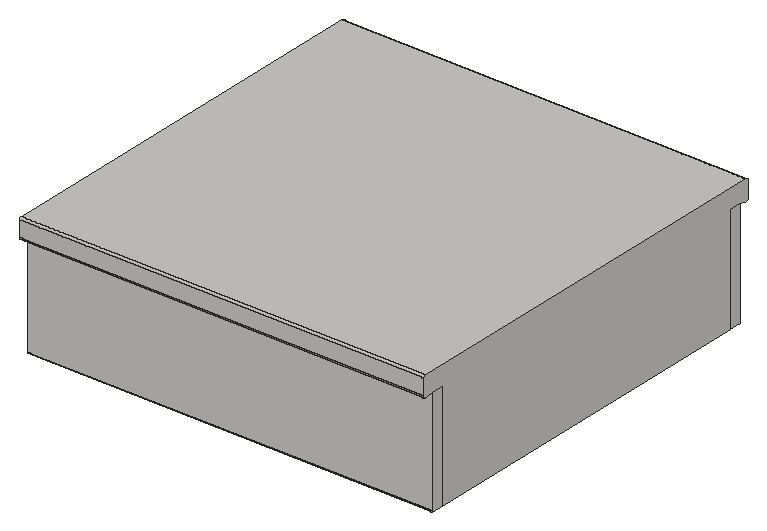
Revit family "QF_ELECTROLUXPROFESSIONAL_588116_MANABAHOOO", category Specialty Equipment, Revit 2018
Family settings
  Round Connector Dimension = Use Diameter
  Part Type = Normal
  Work Plane-Based = No
  Always vertical = Yes
  Cut with Voids When Loaded = No
  Shared = No
  Room Calculation Point = No
Parameters
  Weight in Pounds = 44.09
  URL Cutsheet = "www.electrolux.com/professional"
  URL = "www.electrolux.com/professional"
  Type Mark [instance] = ""
  Status [instance] = ""
  Specification by User [instance] = ""
  Specification by Manufacturer = ""
  Serial Number = ""
  Seismic Rating = ""
  SMACNA No = ""
  Revision Code [instance] = ""
  Omniclass Number and Title = ""
  NAFEM Spec ID Number = ""
  Model = "588116"
  Masterspec = ""
  Manufacturer = "ELECTROLUX"
  Item Number [instance] = ""
  Installed By [instance] = ""
  Identify Quantity as Lot [instance] = yes
  Furnished By [instance] = ""
  Foodservice Equipment Identifier [instance] = yes
  Direct Waste Size = 0"
  Description = "CLOSED WORK TOP,1-SIDE,800X800X250H"
  CSI MasterFormat = ""
  CSI Master Format = ""
Reference planes
  plane 1 "BACK": y = 0
  plane 2: z = 0
  plane 3 "LEFT": x = 0
  plane 4 "RIGHT": x = 800
  plane 5 "FRONT": y = -800
  plane 6 "TOP": z = 250
  plane 7 "Center Y": x = 400
  plane 8 "Center X": y = -400
Forms (mm)
  Extrusion 1, solid, material "QF_Finishes_Stainless Steel"
    sketch origin (0, 50.048, 0) x (0, 1, 0) y (0, 0, 1)
      loop
        line (-95.048, 213) -> (-71.412, 213) -> (-54.743, 210.061)
        arc (-54.743, 210.061) -> (-51.477, 210.936) -> (-50.048, 214) r 4
        line (-50.048, 214) -> (-50.048, 246)
        arc (-50.048, 246) -> (-51.22, 248.828) -> (-54.048, 250) r 4
        line (-54.048, 250) -> (-846.048, 250)
        arc (-846.048, 250) -> (-848.877, 248.828) -> (-850.048, 246) r 4
        line (-850.048, 246) -> (-850.048, 214)
        arc (-850.048, 214) -> (-848.619, 210.936) -> (-845.353, 210.061) r 4
        line (-845.353, 210.061) -> (-828.509, 213) -> (-805.048, 213) -> (-805.048, 0) -> (-95.048, 0) -> (-95.048, 213)
    from 0 to 800
  Extrusion 2, solid, material "QF_Finishes_Stainless Steel"
    sketch origin (0, 50.048, 0) x (0, 1, 0) y (0, 0, 1)
      loop
        arc (-828.048, 213) -> (-829.462, 212.414) -> (-830.048, 211) r 2
        line (-830.048, 211) -> (-830.048, 2)
        arc (-830.048, 2) -> (-829.462, 0.586) -> (-828.048, 0) r 2
        line (-828.048, 0) -> (-805.048, 0) -> (-805.048, 213) -> (-828.048, 213)
      loop
        line (-72.048, 213) -> (-95.048, 213) -> (-95.048, 0) -> (-72.048, 0)
        arc (-72.048, 0) -> (-70.634, 0.586) -> (-70.048, 2) r 2
        line (-70.048, 2) -> (-70.048, 211)
        arc (-70.048, 211) -> (-70.634, 212.414) -> (-72.048, 213) r 2
    from 0 to 800
Lines and regions (mm)
  symbolic lines
    curve 1: line (0, 0, 0) -> (800, 0, 0)
    curve 2: line (0, -800, 0) -> (0, 0, 0)
    curve 3: line (800, -800, 0) -> (0, -800, 0)
    curve 4: line (800, 0, 0) -> (800, -800, 0)
Dimensions and locks
  equal spacing: plane 3 "LEFT", plane 7 "Center Y", plane 4 "RIGHT"
  plane 3 "LEFT" to plane 4 "RIGHT" = 800.00 mm
  equal spacing: plane 5 "FRONT", plane 8 "Center X", plane 1 "BACK"
  plane 5 "FRONT" to plane 1 "BACK" = 800.00 mm
  plane 6 "TOP" to level = 250.00 mm
  aligned and locked: level to plane 2
  aligned and locked: Extrusion 1 to plane 4 "RIGHT"
  aligned and locked: Extrusion 2 to plane 4 "RIGHT"
Automatic sketch dimensions
  Extrusion 1 sketch curve to plane 6 "TOP" = 0.00 mm
  Extrusion 1 sketch curve to level = 0.00 mm
  Extrusion 1 sketch curve to plane 6 "TOP" = 36.00 mm
  plane 5 "FRONT" to Extrusion 1 sketch curve = 0.00 mm
  Extrusion 1 sketch curve to plane 6 "TOP" = 39.939 mm
  Extrusion 1 sketch curve to Extrusion 1 sketch curve = 4.00 mm
  Extrusion 1 sketch curve to Extrusion 1 sketch curve = 4.695 mm  (x2)
  Extrusion 1 sketch curve to Extrusion 1 sketch curve = 16.844 mm
  Extrusion 1 sketch curve to plane 5 "FRONT" = 45.00 mm
  plane 1 "BACK" to Extrusion 1 sketch curve = 45.00 mm
  Extrusion 1 sketch curve to Extrusion 1 sketch curve = 23.636 mm
  Extrusion 1 sketch curve to Extrusion 1 sketch curve = 17.364 mm
  Extrusion 1 sketch curve to Extrusion 1 sketch curve = 21.364 mm
  Extrusion 1 sketch curve to Extrusion 1 sketch curve = 0.00 mm  (x2)
  Extrusion 1 sketch curve to Extrusion 1 sketch curve = 0.695 mm
  Extrusion 1 sketch curve to plane 6 "TOP" = 37.00 mm  (x2)
  Extrusion 1 sketch curve to Extrusion 1 sketch curve = 1.00 mm
  Extrusion 2 sketch curve to level = 0.00 mm  (x2)
  level to Extrusion 2 sketch curve = 2.00 mm  (x2)
  Extrusion 2 sketch curve to plane 5 "FRONT" = 20.00 mm
  Extrusion 2 sketch curve to Extrusion 2 sketch curve = 2.00 mm
  Extrusion 2 sketch curve to Extrusion 2 sketch curve = 23.00 mm
  plane 1 "BACK" to Extrusion 2 sketch curve = 45.00 mm
  plane 1 "BACK" to Extrusion 2 sketch curve = 22.00 mm  (x2)
  Extrusion 2 sketch curve to plane 6 "TOP" = 39.00 mm  (x2)
  curve 3 to plane 3 "LEFT" = 0.00 mm
  curve 3 to plane 4 "RIGHT" = 0.00 mm
  plane 1 "BACK" to curve 2 = 0.00 mm
  curve 4 to plane 5 "FRONT" = 0.00 mm
